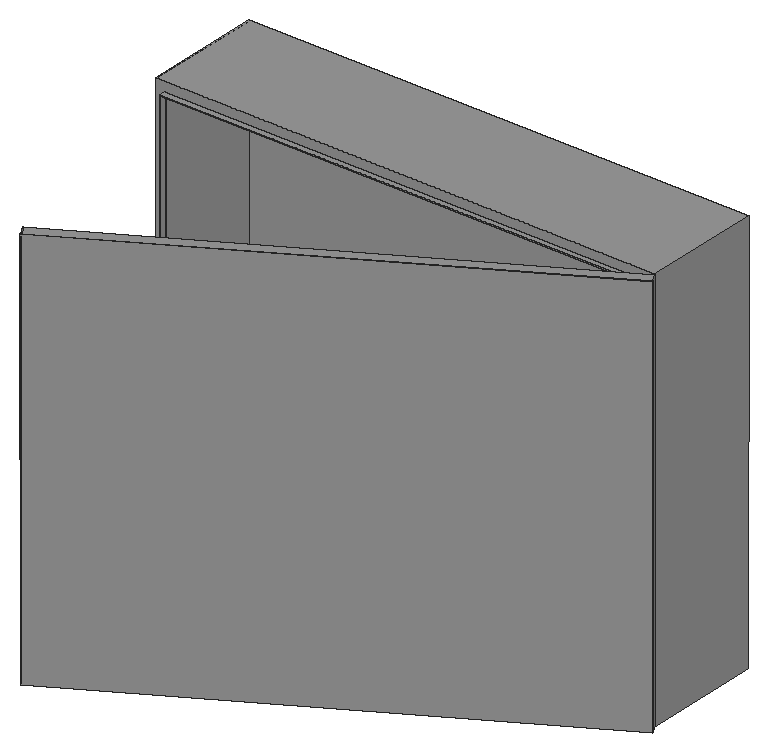
Revit family "Hager-Univers-IP44-D205-H650-Cl.II-Encl-NoHosted-PL-en", category Equipement électrique, Revit 2020
Family settings
  Configuration du panneau = Deux colonnes, circuits au sein
  Cote de connecteur circulaire = Utiliser le diamètre
  Type d'élément = Tableau de raccordement
  Basée sur le plan de construction = Oui
  Toujours verticalement = Oui
  Couper avec des vides une fois chargée = Non
  Partagée = Non
  Point de calcul de pièce = Non
Parameters (values of type "Surface mounted (plaster) IP44 W800 H650 D205  - FP43SN2")
  Width Control [instance] = if([EF000008 - Width] > Min Width, [EF000008 - Width], Min Width)  # 800 mm
  Commentaires du type = [HG000003 - Range]  # "Univers"
  Thickness Door [instance] = if([EF009171 - Material plate thickness door/cover] > 3 mm, 3 mm, [EF009171 - Material plate thickness door/cover])  # 1 mm
  Seal Frame Offset [instance] = 17 mm  # constant formula
  Plinth Visibility [instance] = [HG000027 - Plinth height] > 0 mm  # no
  Min Width [instance] = 100 mm  # constant formula
  Min Depth [instance] = (2 * [EF009170 - Material plate thickness cabinet]) + 1 mm  # 3 mm
  Min Height [instance] = 100 mm  # constant formula
  Internal Frame Depth [instance] = (Door System Depth * 0.5)  # 9 mm
  Panel Name [instance] = ""  # (empty or 0)
  Model = ""
  HG000027 - Plinth height = 0 mm
  HG000026 - Floor standing = no
  HG000024 - Bottom section height = 600 mm
  HG000023 - Double section enclosure = no
  HG000016 - Door 3d visibility [instance] = yes
  HG000015 - Clearance visibility [instance] = no
  HG000014 - Door on the right [instance] = yes
  HG000013 - Door on the left [instance] = not([HG000014 - Door on the right])  # no
  HG000012 - Door swing angle [instance] = 30.00°
  HG000010 - Asymmetric doors = no
  HG000009 - Double swing door = no
  HG000006 - Flush mounted = no
  HG000004 - Manufacturer reference = "FP43SN2"
  HG000003 - Range = "Univers"
  HG000002 - With door or cover = yes
  Frame Offset Bottom [instance] = 10 mm  # constant formula
  Frame Offset [instance] = 15 mm  # constant formula
  EF015940 - Cover with overpressure release = no
  EF011959 - Degree of protection (NEMA) = ""
  EF009554 - Number of openings for flange plates = 6
  EF009212 - Cover model = "EV000116 - Closed"
  EF009171 - Material plate thickness door/cover = 1 mm
  EF009170 - Material plate thickness cabinet = 1 mm
  EF008873 - Nominal current (In) = 250 A
  EF007800 - Suitable for lightning protection = no
  EF006306 - With lock = no
  EF006244 - Transparent cover/door = no
  EF005474 - Degree of protection (IP) = "EV006418 - IP44"
  EF004464 - Type of door = "EV002646 - Single"
  EF004427 - Number of modules = 144
  EF004293 - Impact strength = "EV006815 - IK09"
  EF003532 - Suitable for outdoor use = no
  EF002950 - Width in number of modular spacings = 36
  EF001613 - Circuit integrity = "EV000494 - None"
  EF001596 - Material housing = "EV000179 - Steel"
  EF001131 - Internal depth = 143 mm
  EF001088 - Extension possible = yes
  EF000437 - Number of conduit inlets = 6
  EF000339 - Type of cover = "EV001012 - Cover"
  EF000266 - Number of rows = 4
  EF000218 - Built-in depth = 205 mm
  EF000118 - With mounting plate = no
  EF000116 - RAL-number = "9010"
  EF000049 - Depth = 205 mm
  EF000040 - Height = 650 mm
  EF000008 - Width = 800 mm
  EF000007 - Colour = "EV000202 - White"
  EF000003 - Mounting method = "EV000384 - Surface mounted (plaster)"
  Door System Leaf Tolerance [instance] = 1.5 mm  # constant formula
  Door System Depth [instance] = 18 mm  # constant formula
  Door Height [instance] = Height Control - [HG000027 - Plinth height]  # 650 mm
  Description = ""
  Default Elevation = 1219.2 mm
  Connector Offset [instance] = Height Control / 2  # 325 mm
  Fabricant = "Hager"  # constant formula
  Height Control [instance] = if([EF000040 - Height] > Min Height, [EF000040 - Height], Min Height)  # 650 mm
  Depth Control [instance] = if([EF000049 - Depth] > Min Depth, [EF000049 - Depth], Min Depth)  # 205 mm
  Bottom Top Plate Trim [instance] = 1.5 mm  # constant formula
  Plinth height Ctrl [instance] = if([HG000027 - Plinth height] > 0 mm, [HG000027 - Plinth height], 12 mm)  # 12 mm
Types (5, lengths in mm): name | Width Control | HG000010 - Asymmetric doors | HG000009 - Double swing door | HG000004 - Manufacturer reference | EF009554 - Number of openings for flange plates | EF004464 - Type of door | EF004427 - Number of modules | EF002950 - Width in number of modular spacings | EF000437 - Number of conduit inlets | EF000008 - Width
  Surface mounted (plaster) IP44 W1050 H650 D205  - FP44SN2 | 1050 | no | yes | "FP44SN2" | 8 | "EV003602 - Double" | 192 | 48 | 8 | 1050
  Surface mounted (plaster) IP44 W1300 H650 D205  - FP45SN2 | 1300 | yes | yes | "FP45SN2" | 10 | "EV003602 - Double" | 240 | 60 | 10 | 1300
  Surface mounted (plaster) IP44 W300 H650 D205  - FP41SN2 | 300 | no | no | "FP41SN2" | 2 | "EV002646 - Single" | 48 | 12 | 2 | 300
  Surface mounted (plaster) IP44 W550 H650 D205  - FP42SN2 | 550 | no | no | "FP42SN2" | 4 | "EV002646 - Single" | 96 | 24 | 4 | 550
  Surface mounted (plaster) IP44 W800 H650 D205  - FP43SN2 | 800 | no | no | "FP43SN2" | 6 | "EV002646 - Single" | 144 | 36 | 6 | 800
Reference planes
  plane 1 "Center (Front/Back)": y = 0
  plane 2: z = 0
  plane 3 "Center (Left/Right)": x = 0
  plane 4: y = 0
  plane 5: y = 0
  plane 6: z = 0
  plane 7: x = -400
  plane 8: x = 400
  plane 9: x = 399
  plane 10: x = -399
  plane 11: z = 0
  plane 12: z = 1
  plane 13: y = -205
  plane 14: y = -1
  plane 15: x = 0
  plane 16: y = -187
  plane 17: y = -204
  plane 18: y = -186
  plane 19: x = -384
  plane 20: x = 384
  plane 21: z = 11
  plane 22: x = -383
  plane 23: x = 383
  plane 24: z = 0
  plane 25: z = 650
  plane 26: z = 650
  plane 27: z = 634
  plane 28: z = 649
Forms (mm)
  Extrusion 1, solid, material "Hager_Steel_RAL7035_Light_Grey", detail levels medium+fine
    sketch origin (-208.679, -4572, 0) x (-1, 0, 0) y (0, -1, 0)
      loop
        line (191.321, -4385) -> (-608.679, -4385) -> (-608.679, -4572) -> (191.321, -4572) -> (191.321, -4385)
    from 0 to 650
  Extrusion 2, void
    sketch origin (-350.771, -205, 1219.2) x (1, 0, 0) y (0, 0, 1)
      loop
        line (-48.229, -570.2) -> (-48.229, -1218.2) -> (749.771, -1218.2) -> (749.771, -570.2) -> (-48.229, -570.2)
    from -19 to -204
  Extrusion 3, void
    sketch origin (-290.084, -187, 1219.2) x (1, 0, 0) y (0, 0, 1)
      loop
        line (-93.916, -1208.2) -> (674.084, -1208.2) -> (674.084, -585.2) -> (-93.916, -585.2) -> (-93.916, -1208.2)
    from 0 to -1
  Extrusion 4, solid, material "Hager_Steel_RAL7035_Light_Grey", visible <- "Plinth Visibility", detail levels medium+fine
    sketch origin (0, 0, 0) x (1, 0, 0) y (0, 1, 0)
      loop
        line (-400, 0) -> (-400, -187) -> (400, -187) -> (400, 0) -> (-400, 0)
    from 0 to 12 <- "Plinth height Ctrl"
  Extrusion 5, solid, material "Hager_Steel_RAL7035_Light_Grey", detail levels coarse
    sketch origin (0, 0, 0) x (1, 0, 0) y (0, 1, 0)
      loop
        line (-400, 0) -> (-400, -205) -> (400, -205) -> (400, 0) -> (-400, 0)
    from 0 to 650 <- "Height Control"
  Sweep 6, void
    path in 3D
      loop
        line (-400, -187, 12) -> (400, -187, 12) -> (400, 0, 12) -> (-400, 0, 12) -> (-400, -187, 12)
    profile origin (-400, -93.5, 12) x (1, 0, 0) y (0, 0, 1)
      loop
        line (0, 0) -> (0, -1.5) -> (1.5, -1.5)
        arc (1.5, -1.5) -> (1.061, -0.439) -> (0, 0) r 1.5
  Extrusion 7, solid, material "Hager_Steel_RAL7035_Light_Grey", detail levels fine
    sketch origin (-400, -187, 0) x (1, 0, 0) y (0, 0, 1)
      loop
        line (16, 11) -> (784, 11) -> (784, 634) -> (16, 634) -> (16, 11)
      loop
        line (15, 10) -> (785, 10) -> (785, 635) -> (15, 635) -> (15, 10)
    from 0 to 9 <- "Internal Frame Depth"
Cuts and joins
  Extrusion 2, Extrusion 3 cuts Extrusion 1
  Sweep 6 cuts Extrusion 4
Lines and regions (mm)
  Masking region 1
    outline origin (0, 0, 0) x (1, 0, 0) y (0, 1, 0)
      loop
        line (-400, 0) -> (-400, -205) -> (400, -205) -> (400, 0) -> (-400, 0)
  Masking region 2, detail levels coarse
    outline origin (-290.084, -187, 1219.2) x (-1, 0, 0) y (0, 0, 1)
      loop
        line (-690.084, -1219.2) -> (109.916, -1219.2) -> (109.916, -569.2) -> (-690.084, -569.2) -> (-690.084, -1219.2)
  Masking region 3, detail levels coarse
    outline origin (0, 0, 0) x (0, 1, 0) y (0, 0, 1)
      loop
        line (0, 0) -> (0, 650) -> (-205, 650) -> (-205, 0) -> (0, 0)
  Masking region 4, visible <- "Plinth Visibility", detail levels medium+fine
    outline origin (0, 0, 0) x (0, 1, 0) y (0, 0, 1)
      loop
        line (-1.5, 12) -> (-185.5, 12)
        arc (-185.5, 12) -> (-185.939, 10.939) -> (-187, 10.5) r 1.5
        line (-187, 10.5) -> (-187, 0) -> (0, 0) -> (0, 10.5)
        arc (0, 10.5) -> (-1.061, 10.939) -> (-1.5, 12) r 1.5
  Masking region 5, detail levels medium+fine
    outline origin (0, 0, 594.038) x (0, 1, 0) y (0, 0, 1)
      loop
        line (0, -594.038) -> (0, 55.962) -> (-187, 55.962) -> (-187, -594.038) -> (0, -594.038)
  Masking region 6, detail levels medium+fine
    outline origin (-359.7, -187, 1211.883) x (-1, 0, 0) y (0, 0, 1)
      loop
        line (-759.7, -1211.883) -> (40.3, -1211.883) -> (40.3, -561.883) -> (-759.7, -561.883) -> (-759.7, -1211.883)
  Masking region 7, visible <- "Plinth Visibility", detail levels medium+fine
    outline origin (-320.334, -187, 1041.368) x (-1, 0, 0) y (0, 0, 1)
      loop
        line (-720.334, -1041.368) -> (79.666, -1041.368) -> (79.666, -1030.868)
        arc (79.666, -1030.868) -> (78.606, -1030.429) -> (78.166, -1029.368) r 1.5
        line (78.166, -1029.368) -> (-718.834, -1029.368)
        arc (-718.834, -1029.368) -> (-719.273, -1030.429) -> (-720.334, -1030.868) r 1.5
        line (-720.334, -1030.868) -> (-720.334, -1041.368)
  sketch lines
    curve 1: line (-400, 0, 12) -> (-400, -187, 12)
    curve 2: line (-400, -187, 12) -> (400, -187, 12)
    curve 3: line (400, 0, 12) -> (-400, 0, 12)
    curve 4: line (400, -187, 12) -> (400, 0, 12)
Dimensions and locks
  locked: plane 1 "Center (Front/Back)" to plane 5
  "EF009170 - Material plate thickness cabinet": plane 7 to plane 10
  "EF009170 - Material plate thickness cabinet": plane 8 to plane 9
  equal spacing: plane 7, plane 3 "Center (Left/Right)", plane 8
  "Width Control": plane 7 to plane 8
  "Depth Control": plane 4 to plane 13
  "EF009170 - Material plate thickness cabinet": plane 4 to plane 14
  "Height Control": plane 25 to level
  "HG000027 - Plinth height": plane 11 to level
  "EF009170 - Material plate thickness cabinet": plane 12 to plane 11
  "EF009170 - Material plate thickness cabinet": plane 17 to plane 13
  "EF009170 - Material plate thickness cabinet": plane 18 to plane 16
  "Frame Offset Bottom": plane 21 to plane 12
  "Frame Offset": plane 10 to plane 19
  "Frame Offset": plane 9 to plane 20
  "Door System Depth": plane 16 to plane 13
  "Seal Frame Offset": plane 7 to plane 22
  "Seal Frame Offset": plane 8 to plane 23
  "EF009170 - Material plate thickness cabinet": plane 26 to plane 28
  "Frame Offset": plane 28 to plane 27
  "Connector Offset": plane 2 to connector elem
  "Bottom Top Plate Trim": profile plane to Sweep 6 sketch curve
  "Bottom Top Plate Trim": Sweep 6 sketch curve to Sweep 6 sketch curve
  "Plinth height Ctrl": Masking region 4 sketch curve to level
  "Plinth height Ctrl": Masking region 7 sketch curve to level
  "Thickness Door": Extrusion 7 sketch curve to Extrusion 7 sketch curve  (x4)
  "Bottom Top Plate Trim": radius of Sweep 6 sketch curve
  "Bottom Top Plate Trim": radius of Masking region 4 sketch curve  (x2)
  "Bottom Top Plate Trim": radius of Masking region 7 sketch curve  (x2)
  aligned and locked: Extrusion 2 sketch curve to plane 12
  aligned and locked: Extrusion 2 sketch curve to plane 9
  aligned and locked: Extrusion 2 sketch curve to plane 10
  aligned and locked: Extrusion 2 to plane 14
  aligned and locked: Extrusion 1 sketch curve to plane 4
  aligned and locked: plane 8 to Extrusion 1 sketch curve
  aligned and locked: plane 7 to Extrusion 1 sketch curve
  aligned and locked: Extrusion 2 to plane 18
  aligned and locked: Extrusion 3 sketch curve to plane 19
  aligned and locked: plane 20 to Extrusion 3 sketch curve
  aligned and locked: Extrusion 3 to Extrusion 2
  aligned and locked: Extrusion 3 sketch curve to plane 21
  aligned and locked: plane 3 "Center (Left/Right)" to nested 1
  aligned and locked: Extrusion 1 sketch curve to plane 16
  aligned and locked: Extrusion 4 sketch curve to cut or joined group of Extrusion 1, Extrusion 2, Extrusion 3
  aligned and locked: Masking region 1 sketch curve to plane 7
  aligned and locked: Masking region 1 sketch curve to plane 5
  aligned and locked: Masking region 1 sketch curve to plane 8
  aligned and locked: Masking region 2 sketch curve to level
  aligned and locked: level to Masking region 3 sketch curve
  aligned and locked: plane 1 "Center (Front/Back)" to Masking region 3 sketch curve
  aligned and locked: plane 13 to Masking region 3 sketch curve
  aligned and locked: plane 5 to Masking region 4 sketch curve
  aligned and locked: Masking region 2 sketch curve to plane 8
  aligned and locked: Masking region 2 sketch curve to plane 7
  aligned and locked: plane 7 to nested 2
  aligned and locked: nested 2 to plane 5
  aligned and locked: plane 5 to Masking region 5 sketch curve
  aligned and locked: plane 26 to Masking region 5 sketch curve
  aligned and locked: Extrusion 5 sketch curve to plane 8
  aligned and locked: Extrusion 5 sketch curve to plane 7
  aligned and locked: Extrusion 5 sketch curve to plane 5
  aligned and locked: Extrusion 3 sketch curve to plane 27
  aligned and locked: Extrusion 2 sketch curve to plane 28
  aligned and locked: Masking region 2 to plane 25
  aligned and locked: Extrusion 4 to plane 16
  aligned and locked: profile plane to Sweep 6 sketch curve
  aligned and locked: Masking region 5 sketch curve to plane 24
  aligned and locked: level to Masking region 4 sketch curve
  aligned and locked: Masking region 1 to plane 13
  aligned and locked: nested 1 to plane 16
  aligned and locked: Masking region 3 to plane 25
  aligned and locked: plane 16 to Masking region 4 sketch curve
  aligned and locked: Masking region 5 sketch curve to plane 16
  aligned and locked: plane 24 to plane 11
  aligned and locked: plane 26 to plane 25
  aligned and locked: plane 26 to cut or joined group of Extrusion 1, Extrusion 2, Extrusion 3
  aligned and locked: nested 1 to plane 24
  aligned and locked: Extrusion 1 to Extrusion 3
  aligned and locked: Masking region 6 sketch curve to plane 8
  aligned and locked: Masking region 6 sketch curve to plane 24
  aligned and locked: Masking region 6 sketch curve to plane 7
  aligned and locked: Masking region 6 sketch curve to plane 26
  aligned and locked: Masking region 7 sketch curve to plane 7
  aligned and locked: level to Masking region 7 sketch curve
  aligned and locked: Masking region 7 sketch curve to plane 8
  aligned and locked: Extrusion 7 sketch curve to cut or joined group of Extrusion 1, Extrusion 2, Extrusion 3  (x4)
Automatic sketch dimensions
  plane 19 to Extrusion 3 sketch curve = 0 mm
  Extrusion 3 sketch curve to plane 20 = 0 mm
  Extrusion 3 sketch curve to plane 21 = 0 mm
  Extrusion 4 sketch curve to plane 7 = 0 mm
  Extrusion 4 sketch curve to plane 8 = 0 mm
  Extrusion 4 sketch curve to plane 16 = 0 mm
  Masking region 1 sketch curve to plane 13 = 0 mm
  Masking region 2 sketch curve to plane 25 = 0 mm
  Masking region 3 sketch curve to plane 25 = 0 mm
  Extrusion 5 sketch curve to plane 13 = 0 mm
  profile plane to Sweep 6 sketch curve = 0 mm
Nested families
  nested 1: "EC000058_Univers_Door" at (0, -187, 0), Double <- "HG000009 - Double swing door", Transparent <- "EF006244 - Transparent cover/door", Angle <- "HG000012 - Door swing angle", Door_Right <- "HG000014 - Door on the right", Assymetrical <- "HG000010 - Asymmetric doors", Door <- "HG000002 - With door or cover", Width_Ctrl <- "Width Control", 3d_Door <- "HG000016 - Door 3d visibility", Clearance <- "HG000015 - Clearance visibility", Door_Left <- "HG000013 - Door on the left", Width <- "Width Control", Door_Depth <- "Door System Depth", Leaf_Tolerance <- "Door System Leaf Tolerance", Height <- "Door Height", Lock_Visibility <- "EF006306 - With lock", Thickness <- "Thickness Door", type "EC000058_Univers_Door", detail levels medium+fine
    with min_wh 3 mm, Width_Ctrl 800 mm, Width 800 mm, Transparent no, Thickness 1 mm, Seal_Material Hager_Rubber, Lock_Visibility no, Lock_Material Hager_Plastic_RAL9005_Jet_Black, Leaf_Width 800 mm, Leaf_Tolerance_External_Sides 0 mm, Leaf_Tolerance 1.5 mm, Leaf_Offset 0 mm, Leaf_Height 647 mm, Leaf_2_Width 800 mm, Leaf_2_Offset 400 mm, Leaf_1_Width 800 mm, Leaf_1_Offset 400 mm, Height_Ctrl 650 mm, Height 650 mm, Glass_Material Hager_Glass, Double_Clearance_Ctrl no, Double no, Door_Right_Ctrl yes, Door_Right yes, Door_Material Hager_Steel_RAL7035_Light_Grey, Door_Left_Ctrl no, Door_Left no, Door_Depth 18 mm, Door yes, Clearance_Material Hager_Clearance, Clearance_Depth 800 mm, Clearance_Ctrl no, Clearance no, Assymetrical no, Angle 30.00°, 3d_Door yes
  nested 2: "Hager_Enclosure_Symbol" at (-400, 0, 0), Height <- "Depth Control", Width <- "Width Control", type "Hager_Enclosure_Symbol"
    with Width_Ctrl 800 mm, Width 800 mm, Height_Ctrl 205 mm, Height 205 mm, A_Width_Int 13.453 mm, A_Width 161.438 mm, A_Height_Ctrl 179.375 mm, A_Height 179.375 mm
Connectors
  electrical at (0, 0, 325)
    settings: on plane 1 "Center (Front/Back)", index 1, voltage 0 V, apparent load 0 VA, apparent load phase1 0 VA, apparent load phase2 0 VA, apparent load phase3 0 VA, power factor 1, load classification "Other", number of poles 1, system type 30, power factor state 1, is connector primary yes, connector utility no, sub classification motor no, connector description ""
Definition of nested family "EC000058_Univers_Door"
  Parameters (values of type "EC000058_Univers_Door")
    min_wh [instance] = (2 * Thickness) + 1 mm  # 11 mm
    Width_Ctrl [instance] = 400 mm
    Width [instance] = 500 mm
    Transparent [instance] = yes
    Thickness [instance] = 5 mm
    Seal_Material [instance] = none
    Lock_Visibility [instance] = yes
    Lock_Material [instance] = none
    Leaf_Width [instance] = if((Width_Ctrl - 2 * Leaf_Tolerance_External_Sides) > 0 mm, (Width_Ctrl - 2 * Leaf_Tolerance_External_Sides), min_wh)  # 400 mm
    Leaf_Tolerance_External_Sides [instance] = 0 mm  # constant formula
    Leaf_Tolerance [instance] = 1.5 mm
    Leaf_Offset [instance] = 0 mm  # constant formula
    Leaf_Height [instance] = if((Height_Ctrl - 2 * Leaf_Tolerance) > 0 mm, (Height_Ctrl - 2 * Leaf_Tolerance), min_wh)  # 497 mm
    Leaf_2_Width [instance] = if(and(and(Double, Assymetrical), Door_Left), (Leaf_Width / 3) - (Leaf_Tolerance / 2), if(and(and(Double, Assymetrical), Door_Right), (Leaf_Width / 3) * 2 - (Leaf_Tolerance / 2), if(and(Double, not(Assymetrical)), (Leaf_Width / 2) - Leaf_Tolerance, Leaf_Width)))  # 400 mm
    Leaf_2_Offset [instance] = if(and(Double, Assymetrical), Leaf_2_Width / 2, if(and(Double, not(Assymetrical)), Leaf_Width / 4, Leaf_Width / 2))  # 200 mm
    Leaf_1_Width [instance] = if(and(and(Double, Assymetrical), Door_Right), (Leaf_Width / 3) - (Leaf_Tolerance / 2), if(and(and(Double, Assymetrical), Door_Left), (Width / 3) * 2 - (Leaf_Tolerance / 2), if(and(Double, not(Assymetrical)), (Leaf_Width / 2) - Leaf_Tolerance, Leaf_Width)))  # 400 mm
    Leaf_1_Offset [instance] = if(and(Double, Assymetrical), Leaf_1_Width / 2, if(and(Double, not(Assymetrical)), Leaf_Width / 4, Leaf_Width / 2))  # 200 mm
    Height_Ctrl [instance] = if(Height > min_wh, Height, min_wh)  # 500 mm
    Height [instance] = 500 mm
    Glass_Material [instance] = none
    Double_Clearance_Ctrl [instance] = and(Double, Clearance)  # no
    Double [instance] = no
    Door_Right_Ctrl [instance] = and(or(Door_Right, Double), Door)  # yes
    Door_Right [instance] = yes
    Door_Material [instance] = none
    Door_Left_Ctrl [instance] = and(or(Door_Left, Double), Door)  # no
    Door_Left [instance] = no
    Door_Depth [instance] = 30 mm
    Door [instance] = yes
    Default Elevation = 1219.2 mm
    Clearance_Material [instance] = none
    Clearance_Depth [instance] = if(Leaf_1_Width > Leaf_2_Width, Leaf_1_Width, Leaf_2_Width)  # 400 mm
    Clearance_Ctrl [instance] = and(not(Double), Clearance)  # yes
    Clearance [instance] = yes
    Assymetrical [instance] = yes
    Angle [instance] = 30.00°
    3d_Door [instance] = yes
  Reference planes
    plane 1 "Center (Front/Back)": y = 0
    plane 2 "Bottom": z = 0
    plane 3 "Center (Left/Right)": x = 0
    plane 4: z = 500
    plane 5: x = -200
    plane 6: x = 200
    plane 7: z = 500
    plane 8: x = -200
    plane 9: z = 0
    plane 10: x = 200
    plane 11: y = 0
    plane 12: z = 1.5
    plane 13: x = -600
    plane 14: y = -400
    plane 15: x = 600
    plane 16: x = 0
    plane 17: x = 0
    plane 18: x = -200
    plane 19: x = 200
    plane 20: z = 498.5
  Forms (mm)
    Extrusion 1, solid, material <- "Clearance_Material", visible <- "Double_Clearance_Ctrl"
      sketch origin (1200, 0, 0) x (1, 0, 0) y (0, 0, -1)
        loop
          line (-1800, -498.5) -> (-600, -498.5) -> (-600, 0) -> (-1800, 0) -> (-1800, -498.5)
      from 0 to -400
  Dimensions and locks
    equal spacing: plane 5, plane 3 "Center (Left/Right)", plane 6
    "Width_Ctrl": plane 5 to plane 6
    "Leaf_Offset": plane 5 to plane 8
    "Leaf_Offset": plane 6 to plane 10
    "Leaf_Offset": plane 9 to level
    "Leaf_Offset": plane 4 to plane 7
    "Height_Ctrl": plane 4 to level
    "Leaf_Tolerance": plane 12 to plane 9
    locked: plane 11 to plane 1 "Center (Front/Back)"
    "Leaf_1_Offset": plane 18 to plane 16
    "Leaf_2_Offset": plane 17 to plane 19
    "Leaf_1_Width": plane 13 to plane 8
    "Leaf_2_Width": plane 10 to plane 15
    "Clearance_Depth": plane 14 to plane 1 "Center (Front/Back)"
    "Leaf_Tolerance_External_Sides": plane 8 to plane 18
    "Leaf_Tolerance_External_Sides": plane 19 to plane 10
    "Leaf_Tolerance": plane 7 to plane 20
    aligned and locked: level to plane 2 "Bottom"
    aligned and locked: nested 1 to plane 16
    aligned and locked: nested 2 to plane 17
    aligned and locked: Extrusion 1 to plane 13
    aligned and locked: plane 15 to Extrusion 1
    aligned and locked: Extrusion 1 to plane 14
    aligned and locked: plane 12 to nested 1
    aligned and locked: nested 2 to plane 12
    aligned and locked: Extrusion 1 to plane 11
    aligned and locked: plane 20 to Extrusion 1
    aligned and locked: nested 2 to plane 11
    aligned and locked: nested 1 to plane 11
  Automatic sketch dimensions
    Extrusion 1 sketch curve to level = 0 mm
    plane 5 to Extrusion 1 sketch curve = 400 mm
    plane 6 to Extrusion 1 sketch curve = 400 mm
    Extrusion 1 sketch curve to plane 4 = 1.5 mm
  Nested families
    nested 1: "EC000058_Univers_Door_Leaf" at (0, 0, 1.5), Width <- "Leaf_1_Width", visible <- "Door_Left_Ctrl", Leaf_Height <- "Leaf_Height", Angle <- "Angle", 3d_Door <- "3d_Door", Transparent <- "Transparent", Clearance Material <- "Clearance_Material", Clearance <- "Clearance_Ctrl", Door_Material <- "Door_Material", Glass_Material <- "Glass_Material", Door_Depth <- "Door_Depth", Lock_Material <- "Lock_Material", Seal_Material <- "Seal_Material", Lock_Visibility <- "Lock_Visibility", Thickness <- "Thickness", type "EC000058_Univers_Door_Leaf"
      with Width 400 mm, Transparent_Glass_Offset 30 mm, Transparent_Ctrl yes, Transparent yes, Thickness 5 mm, Standard no, Seal_Material none, Seal_D2 8 mm, Seal_D1 1 mm, Offset_Internal_Frame 10 mm, Lock_Width 20 mm, Lock_Visibility_3d yes, Lock_Visibility yes, Lock_Thickness_3 3 mm, Lock_Thickness_2 1 mm, Lock_Thickness_1 3 mm, Lock_Radius_Offset_2 16 mm, Lock_Radius_Offset_1 15 mm, Lock_Radius_2 5 mm, Lock_Radius 6 mm, Lock_Offset 5 mm, Lock_Material none, Lock_Height 80 mm, Lock_Cover_Top_Offset_2d 17 mm, Lock_Cover_Height -65 mm, Leaf_Height 497 mm, Internal_Seal_Thickness 8 mm, Internal_Seal_Depth_2 4.5 mm, Internal_Frame_Depth 25 mm, Glass_Thickness -1 mm, Glass_Offset -2 mm, Glass_Material none, Door_Material none, Door_Depth 30 mm, Clearance Material none, Clearance yes, Angle_Ctrl 30.00°, Angle 30.00°, 3d_Door yes
    nested 2: "EC000058_Univers_Door_Leaf" at (0, 0, 1.5) x (-1, 0, 0) z (0, 0, 1), Width <- "Leaf_2_Width", visible <- "Door_Right_Ctrl", Leaf_Height <- "Leaf_Height", Angle <- "Angle", 3d_Door <- "3d_Door", Transparent <- "Transparent", Clearance Material <- "Clearance_Material", Clearance <- "Clearance_Ctrl", Door_Material <- "Door_Material", Glass_Material <- "Glass_Material", Door_Depth <- "Door_Depth", Lock_Material <- "Lock_Material", Seal_Material <- "Seal_Material", Lock_Visibility <- "Lock_Visibility", Thickness <- "Thickness", type "EC000058_Univers_Door_Leaf"
      with Width 400 mm, Transparent_Glass_Offset 30 mm, Transparent_Ctrl yes, Transparent yes, Thickness 5 mm, Standard no, Seal_Material none, Seal_D2 8 mm, Seal_D1 1 mm, Offset_Internal_Frame 10 mm, Lock_Width 20 mm, Lock_Visibility_3d yes, Lock_Visibility yes, Lock_Thickness_3 3 mm, Lock_Thickness_2 1 mm, Lock_Thickness_1 3 mm, Lock_Radius_Offset_2 16 mm, Lock_Radius_Offset_1 15 mm, Lock_Radius_2 5 mm, Lock_Radius 6 mm, Lock_Offset 5 mm, Lock_Material none, Lock_Height 80 mm, Lock_Cover_Top_Offset_2d 17 mm, Lock_Cover_Height -65 mm, Leaf_Height 497 mm, Internal_Seal_Thickness 8 mm, Internal_Seal_Depth_2 4.5 mm, Internal_Frame_Depth 25 mm, Glass_Thickness -1 mm, Glass_Offset -2 mm, Glass_Material none, Door_Material none, Door_Depth 30 mm, Clearance Material none, Clearance yes, Angle_Ctrl 30.00°, Angle 30.00°, 3d_Door yes
  Definition of nested family "EC000058_Univers_Door_Leaf"
    Parameters (values of type "EC000058_Univers_Door_Leaf")
      Width [instance] = 2000 mm
      Transparent_Glass_Offset [instance] = 30 mm
      Transparent_Ctrl [instance] = and(Transparent, [3d_Door])  # yes
      Transparent [instance] = yes
      Thickness [instance] = 5 mm
      Standard [instance] = and(not(Transparent), [3d_Door])  # no
      Seal_Material [instance] = none
      Seal_D2 [instance] = 8 mm  # constant formula
      Seal_D1 [instance] = 1 mm  # constant formula
      Offset_Internal_Frame [instance] = 10 mm  # constant formula
      Lock_Width [instance] = 20 mm  # constant formula
      Lock_Visibility_3d [instance] = and(Lock_Visibility, [3d_Door])  # yes
      Lock_Visibility [instance] = yes
      Lock_Thickness_3 [instance] = 3 mm  # constant formula
      Lock_Thickness_2 [instance] = 1 mm  # constant formula
      Lock_Thickness_1 [instance] = 3 mm  # constant formula
      Lock_Radius_Offset_2 [instance] = Lock_Radius_Offset_1 + 1 mm  # 16 mm
      Lock_Radius_Offset_1 [instance] = 15 mm  # constant formula
      Lock_Radius_2 [instance] = Lock_Radius - 1 mm  # 5 mm
      Lock_Radius [instance] = 6 mm  # constant formula
      Lock_Offset [instance] = 5 mm  # constant formula
      Lock_Material [instance] = none
      Lock_Height [instance] = 80 mm  # constant formula
      Lock_Cover_Top_Offset_2d [instance] = Lock_Radius_Offset_2 + 1 mm  # 17 mm
      Lock_Cover_Height [instance] = -(Lock_Height - Lock_Radius_Offset_1)  # -65 mm
      Leaf_Height [instance] = 2720.336 mm
      Internal_Seal_Thickness [instance] = 8 mm  # constant formula
      Internal_Seal_Depth_2 [instance] = 4.5 mm  # constant formula
      Internal_Frame_Depth [instance] = if(Door_Depth - Thickness > 5 mm, Door_Depth - Thickness, 5 mm)  # 25 mm
      Glass_Thickness [instance] = if(Thickness > 15 mm, Glass_Offset + 10 mm, -1 mm)  # -1 mm
      Glass_Offset [instance] = if(Thickness > 15 mm, -(Thickness + 10 mm) / 2, -2 mm)  # -2 mm
      Glass_Material [instance] = none
      Door_Material [instance] = none
      Door_Depth [instance] = 30 mm
      Default Elevation = 0 mm
      Clearance Material [instance] = none
      Clearance [instance] = yes
      Angle_Ctrl [instance] = if(Angle > 180.00°, 180.00°, Angle)  # 90.00°
      Angle [instance] = 90.00°
      3d_Door [instance] = yes
    Reference planes
      plane 1 "Center (Front/Back)": y = 0
      plane 2: z = 0
      plane 3 "Center (Left/Right)": x = 0
      plane 4: y = 2000
      plane 5: x = -1000
      plane 6: x = 1000
      plane 7: x = -3000
      plane 8: z = 2720.336
      plane 9: z = 30
      plane 10: z = 2690.336
      plane 11: x = 970
      plane 12: x = -970
      plane 13: y = -3
      plane 14: z = 107.833
      plane 15: y = -5
      plane 16: y = -223.314
      plane 17: x = -1000
      plane 18: z = 1360.168
      plane 19: y = 30
    Forms (mm)
      Extrusion 1, solid, material <- "Clearance Material", visible <- "Clearance"
        sketch origin (0, 0, 0) x (1, 0, 0) y (0, 0, 1)
          loop
            line (-3000, 2720.336) -> (-3000, 0) -> (1000, 0) -> (1000, 2720.336) -> (-3000, 2720.336)
        from 0 to -2000
      Extrusion 2, solid, material <- "Door_Material", visible <- "Standard", detail levels medium+fine
        sketch origin (-1000, 0, 0) x (0, 1, 0) y (-1, 0, 0)
          loop
            line (0, 30) -> (0, 25) -> (2000, 25) -> (2000, 30) -> (0, 30)
        from 0 to 2720.336 <- "Leaf_Height"
      Extrusion 3, solid, material <- "Door_Material", visible <- "Transparent_Ctrl", detail levels medium+fine
        sketch origin (-1000, 0, 0) x (0, 1, 0) y (-1, 0, 0)
          loop
            line (0, 25) -> (2000, 25) -> (2000, 30) -> (0, 30) -> (0, 25)
        from 0 to 2720.336 <- "Leaf_Height"
      Extrusion 4, void
        sketch origin (-1025, 2000, 0) x (0, 1, 0) y (0, 0, -1)
          loop
            line (-30, -2690.336) -> (-30, -30) -> (-1970, -30) -> (-1970, -2690.336) -> (-30, -2690.336)
        from 0 to 5 <- "Thickness"
      Sweep 5, solid, material <- "Seal_Material", visible <- "Transparent_Ctrl", detail levels fine
        path in 3D
          loop
            line (-1025, 30, 30) -> (-1025, 30, 2690.336) -> (-1025, 1970, 2690.336) -> (-1025, 1970, 30) -> (-1025, 30, 30)
        profile origin (-1025, 1000, 30) x (1, 0, 0) y (0, 0, 1)
          loop
            line (0, 0) -> (0, -8) -> (1, -8) -> (1, 0) -> (0, 0)
      Extrusion 6, solid, material <- "Glass_Material", visible <- "Transparent_Ctrl", detail levels medium+fine
        sketch origin (-1030, 0, 0) x (0, 1, 0) y (0, 0, -1)
          loop
            line (1970, -2690.336) -> (1970, -30) -> (30, -30) -> (30, -2690.336) -> (1970, -2690.336)
        from -2 <- "Glass_Offset" to -1 <- "Glass_Thickness"
      Extrusion 7, solid, material <- "Door_Material", visible <- "3d_Door", detail levels medium+fine
        sketch origin (-1025, 2000, 0) x (0, -1, 0) y (0, 0, -1)
          loop
            line (0, -2720.336) -> (2000, -2720.336) -> (2000, 0) -> (0, 0) -> (0, -2720.336)
          loop
            line (1995, -5) -> (5, -5) -> (5, -2715.336) -> (1995, -2715.336) -> (1995, -5)
        from 0 to 25 <- "Internal_Frame_Depth"
      Sweep 8, solid, material <- "Seal_Material", visible <- "Transparent_Ctrl", detail levels fine
        path in 3D
          loop
            line (-1025, 0, 0) -> (-1025, 2000, 0) -> (-1025, 2000, 2720.336) -> (-1025, 0, 2720.336) -> (-1025, 0, 0)
        profile origin (-1025, 0, 1360.168) x (1, 0, 0) y (0, 1, 0)
          loop
            line (0, 10) -> (2.975, 10)
            arc (2.975, 10) -> (4.053, 10.447) -> (4.5, 11.525) r 1.525
            line (4.5, 11.525) -> (4.5, 16.527)
            arc (4.5, 16.527) -> (4.069, 17.569) -> (3.027, 18) r 1.473
            line (3.027, 18) -> (0, 18) -> (0, 10)
      Extrusion 9, solid, material <- "Lock_Material", visible <- "Lock_Visibility_3d", detail levels fine
        sketch origin (-1030, 0, 0) x (0, 1, 0) y (0, 0, -1)
          loop
            arc (1993.5, -1400.168) -> (1994.561, -1399.729) -> (1995, -1398.668) r 1.5
            line (1995, -1398.668) -> (1995, -1320.168) -> (1975, -1320.168) -> (1975, -1398.668)
            arc (1975, -1398.668) -> (1975.439, -1399.729) -> (1976.5, -1400.168) r 1.5
            line (1976.5, -1400.168) -> (1993.5, -1400.168)
        from 3 <- "Lock_Thickness_1" to 0
      Blend 10, solid, material <- "Lock_Material", visible <- "Lock_Visibility_3d", detail levels fine
        base sketch origin (-1033, 0, 0) x (0, 1, 0) y (0, 0, -1)
          loop
            line (1975, -1320.168) -> (1975, -1398.668)
            arc (1975, -1398.668) -> (1975.439, -1399.729) -> (1976.5, -1400.168) r 1.5
            line (1976.5, -1400.168) -> (1993.5, -1400.168)
            arc (1993.5, -1400.168) -> (1994.561, -1399.729) -> (1995, -1398.668) r 1.5
            line (1995, -1398.668) -> (1995, -1320.168) -> (1975, -1320.168)
        top sketch origin (-1033, 0, 0) x (0, 1, 0) y (0, 0, -1)
          loop
            line (1976, -1320.168) -> (1976, -1398.668)
            arc (1976, -1398.668) -> (1976.146, -1399.022) -> (1976.5, -1399.168) r 0.5
            line (1976.5, -1399.168) -> (1993.5, -1399.168)
            arc (1993.5, -1399.168) -> (1993.854, -1399.022) -> (1994, -1398.668) r 0.5
            line (1994, -1398.668) -> (1994, -1320.168) -> (1976, -1320.168)
        from 0 to 1 <- "Lock_Thickness_2"
      Blend 11, solid, material <- "Lock_Material", visible <- "Lock_Visibility_3d", detail levels fine
        base sketch origin (-1034, 0, 0) x (0, 1, 0) y (0, 0, -1)
          loop
            line (1978, -1320.168) -> (1978, -1384.168)
            arc (1978, -1384.168) -> (1985, -1391.168) -> (1992, -1384.168) r 7
            line (1992, -1384.168) -> (1992, -1320.168) -> (1978, -1320.168)
        top sketch origin (-1034, 0, 0) x (0, 1, 0) y (0, 0, -1)
          loop
            line (1991, -1320.168) -> (1979, -1320.168) -> (1979, -1383.168)
            arc (1979, -1383.168) -> (1985, -1389.168) -> (1991, -1383.168) r 6
            line (1991, -1383.168) -> (1991, -1320.168)
        from 0 to 3 <- "Lock_Thickness_3"
      Extrusion 12, solid, material <- "Lock_Material", visible <- "Lock_Visibility_3d", detail levels fine
        sketch origin (-1030, 1975, 1320.168) x (1, 0, 0) y (0, -1, 0)
          loop
            line (-7, -19) -> (-7, -1) -> (0, -1) -> (0, 0) -> (-8, 0) -> (-8, -20) -> (0, -20) -> (0, -19) -> (-7, -19)
        from 0 to -65 <- "Lock_Cover_Height"
      Extrusion 13, void
        sketch origin (-1038, 1995, 1320.168) x (-1, 0, 0) y (0, 0, -1)
          loop
            line (-5, -65) -> (0, -65) -> (-5, -60) -> (-5, -65)
        from 0 to 20 <- "Lock_Width"
      Extrusion 14, void
        sketch origin (-1038, 1975, 1320.168) x (0, -1, 0) y (0, 0, -1)
          loop
            circle (-10, -15.995) r 6
          loop
            circle (-10, -15.995) r 5
        from 0 to 2
      Extrusion 15, solid, material <- "Lock_Material", visible <- "Lock_Visibility_3d", detail levels medium
        sketch origin (-1030, 0, 0) x (0, 1, 0) y (0, 0, -1)
          loop
            arc (1993.5, -1400.168) -> (1994.561, -1399.729) -> (1995, -1398.668) r 1.5
            line (1995, -1398.668) -> (1995, -1320.168) -> (1975, -1320.168) -> (1975, -1398.668)
            arc (1975, -1398.668) -> (1975.439, -1399.729) -> (1976.5, -1400.168) r 1.5
            line (1976.5, -1400.168) -> (1993.5, -1400.168)
        from 8 to 0
    Cuts and joins
      Extrusion 4 cuts Extrusion 3
      Extrusion 13, Extrusion 14 cuts Extrusion 9
      Extrusion 14 cuts Blend 11
      Extrusion 13, Extrusion 14 cuts Extrusion 12
      joined: Extrusion 9, Blend 10, Blend 11, Extrusion 12
      Extrusion 14 cuts Extrusion 15
    Lines and regions (mm)
      Masking region 1, visible <- "Lock_Visibility", detail levels fine
        outline origin (0, 0, 0) x (0, 1, 0) y (0, 0, 1)
          loop
            line (30, 1320.168) -> (33, 1320.168) -> (33, 1400.168) -> (30, 1400.168) -> (30, 1320.168)
      Masking region 2, visible <- "Lock_Visibility", detail levels fine
        outline origin (0, 3.143, 0) x (0, 1, 0) y (0, 0, 1)
          loop
            line (29.857, 1354.168) -> (30.857, 1354.168) -> (30.857, 1366.168) -> (29.857, 1366.168) -> (29.857, 1354.168)
      Masking region 3, detail levels medium+fine
        outline origin (0, 0, 0) x (0, 1, 0) y (0, 0, 1)
          loop
            line (0, 0) -> (30, 0) -> (30, 2720.336) -> (0, 2720.336) -> (0, 0)
      Masking region 4, detail levels medium+fine
        outline origin (0, 0, 0) x (1, 0, 0) y (0, 0, 1)
          loop
            line (-1000, 2720.336) -> (-1000, 0) -> (1000, 0) -> (1000, 2720.336) -> (-1000, 2720.336)
      Masking region 5, visible <- "Lock_Visibility", detail levels fine
        outline origin (-47.116, 0, 0) x (1, 0, 0) y (0, 0, 1)
          loop
            arc (1024.616, 1399.168) -> (1023.556, 1398.729) -> (1023.116, 1397.668) r 1.5
            line (1023.116, 1397.668) -> (1023.116, 1320.168) -> (1041.116, 1320.168) -> (1041.116, 1397.668)
            arc (1041.116, 1397.668) -> (1040.677, 1398.729) -> (1039.616, 1399.168) r 1.5
            line (1039.616, 1399.168) -> (1024.616, 1399.168)
      Masking region 6, visible <- "Lock_Visibility", detail levels medium+fine
        outline origin (-25, 0, 0) x (1, 0, 0) y (0, 0, 1)
          loop
            arc (1001.5, 1400.168) -> (1000.439, 1399.729) -> (1000, 1398.668) r 1.5
            line (1000, 1398.668) -> (1000, 1320.168) -> (1020, 1320.168) -> (1020, 1398.668)
            arc (1020, 1398.668) -> (1019.561, 1399.729) -> (1018.5, 1400.168) r 1.5
            line (1018.5, 1400.168) -> (1001.5, 1400.168)
      Masking region 7, visible <- "Lock_Visibility", detail levels fine
        outline origin (-73.735, 0, 0) x (1, 0, 0) y (0, 0, 1)
          loop
            line (1051.735, 1382.168) -> (1065.735, 1382.168) -> (1065.735, 1384.168)
            arc (1065.735, 1384.168) -> (1058.735, 1391.168) -> (1051.735, 1384.168) r 7
            line (1051.735, 1384.168) -> (1051.735, 1382.168)
      Masking region 8, visible <- "Lock_Visibility", detail levels fine
        outline origin (-73.735, 0, 0) x (1, 0, 0) y (0, 0, 1)
          loop
            line (1052.735, 1382.168) -> (1064.735, 1382.168) -> (1064.735, 1383.168)
            arc (1064.735, 1383.168) -> (1058.735, 1389.168) -> (1052.735, 1383.168) r 6
            line (1052.735, 1383.168) -> (1052.735, 1382.168)
      Masking region 9, visible <- "Lock_Visibility", detail levels fine
        outline origin (-25, 0, 0) x (1, 0, 0) y (0, 0, 1)
          loop
            line (1020, 1320.168) -> (1020, 1382.168) -> (1000, 1382.168) -> (1000, 1320.168) -> (1020, 1320.168)
      Masking region 10, detail levels medium+fine
        outline origin (0, 0, 0) x (1, 0, 0) y (0, 0, 1)
          loop
            circle (985, 1335.144) r 6
      Masking region 11, detail levels fine
        outline origin (0, 0, 0) x (1, 0, 0) y (0, 0, 1)
          loop
            circle (985, 1335.144) r 5
      Masking region 12, visible <- "Lock_Visibility", detail levels fine
        outline origin (0, 12.767, 0) x (0, 1, 0) y (0, 0, 1)
          loop
            line (20.233, 1320.168) -> (21.233, 1320.168) -> (21.233, 1399.168) -> (20.233, 1400.168) -> (20.233, 1320.168)
      Masking region 13, visible <- "Lock_Visibility", detail levels fine
        outline origin (0, 13.767, -10) x (0, 1, 0) y (0, 0, 1)
          loop
            line (20.233, 1330.168) -> (23.233, 1330.168) -> (23.233, 1399.168) -> (20.233, 1402.168) -> (20.233, 1330.168)
      Masking region 14, visible <- "Lock_Visibility", detail levels fine
        outline origin (0, 12.767, -10) x (0, 1, 0) y (0, 0, 1)
          loop
            line (20.233, 1330.168) -> (25.233, 1330.168) -> (25.233, 1399.305) -> (20.233, 1394.305) -> (20.233, 1330.168)
      Masking region 15, visible <- "Lock_Visibility", detail levels medium
        outline origin (0, 0, 0) x (0, 1, 0) y (0, 0, 1)
          loop
            line (30, 1320.168) -> (38, 1320.168) -> (38, 1400.168) -> (30, 1400.168) -> (30, 1320.168)
      Masking region 16, visible <- "Lock_Visibility", detail levels fine
        outline origin (-1000, 0, 0) x (0, 1, 0) y (-1, 0, 0)
          loop
            line (1975, 30) -> (1995, 30) -> (1995, 38) -> (1975, 38) -> (1975, 30)
          loop
            line (1979, 37) -> (1976, 37) -> (1976, 34) -> (1978, 34) -> (1979, 37)
          loop
            line (1994, 37) -> (1991, 37) -> (1992, 34) -> (1994, 34) -> (1994, 37)
      Masking region 17, visible <- "Lock_Visibility", detail levels medium
        outline origin (-1000, 0, 0) x (0, 1, 0) y (-1, 0, 0)
          loop
            line (1975, 30) -> (1995, 30) -> (1995, 38) -> (1975, 38) -> (1975, 30)
      symbolic lines
        curve 1: line (1000, 0, 0) -> (-3000, 0, 0)
        curve 2: arc (1000, 0, 0) -> (-1000, 2000, 0) -> (-3000, 0, 0) r 2000
        curve 4: line (-1030, 0, 0) -> (-1030, 2000, 0)
      reference lines
        curve 3: line (-1000, 0, 0) -> (-1000, 2000, 0)
      symbolic lines, detail levels medium+fine
        curve 5: line (-1030, 2000, 0) -> (-1025, 2000, 0)
        curve 7: line (-1025, 0, 0) -> (-1030, 0, 0)
        curve 8: line (-1025, 0, 0) -> (-1000, 0, 0)
        curve 9: line (-1000, 0, 0) -> (-1000, 2000, 0)
        curve 10: line (-1000, 2000, 0) -> (-1025, 2000, 0)
      symbolic lines, detail levels fine
        curve 6: line (-1025, 2000, 0) -> (-1025, 0, 0)
      sketch lines
        curve 11: line (-1025, 0, 2720.336) -> (-1025, 0, 0)
        curve 12: line (-1025, 2000, 0) -> (-1025, 0, 0)
        curve 13: line (-1025, 2000, 2720.336) -> (-1025, 2000, 0)
        curve 14: line (-1025, 0, 2720.336) -> (-1025, 2000, 2720.336)
        curve 15: line (-1025, 1970, 30) -> (-1025, 30, 30)
        curve 16: line (-1025, 30, 30) -> (-1025, 30, 2690.336)
        curve 17: line (-1025, 1970, 2690.336) -> (-1025, 1970, 30)
        curve 18: line (-1025, 30, 2690.336) -> (-1025, 1970, 2690.336)
      symbolic lines, visible <- "Transparent", detail levels medium+fine
        curve 19: line (-970, 0, 2690.336) -> (970, 0, 2690.336)
        curve 20: line (-970, 0, 30) -> (-970, 0, 2690.336)
        curve 21: line (970, 0, 30) -> (-970, 0, 30)
        curve 22: line (970, 0, 2690.336) -> (970, 0, 30)
    Dimensions and locks
      "Width": plane 1 "Center (Front/Back)" to plane 4
      equal spacing: plane 5, plane 3 "Center (Left/Right)", plane 6
      "Width": plane 5 to plane 6
      "Width": plane 7 to plane 5
      "Leaf_Height": plane 8 to level
      "Width": curve 5 to curve 3
      "Width": curve 3 to curve 3
      plane 8 to plane 10 = 30 mm
      plane 9 to level = 30 mm
      plane 12 to plane 5 = 30 mm
      plane 6 to plane 11 = 30 mm
      Extrusion 1 to Extrusion 4 sketch curve = 30 mm
      "Transparent_Glass_Offset": curve 3 to Extrusion 4 sketch curve
      "Transparent_Glass_Offset": Extrusion 4 sketch curve to cut or joined group of Extrusion 3, Extrusion 4  (x2)
      cut or joined group of Extrusion 3, Extrusion 4 to Extrusion 6 sketch curve = 30 mm
      "Transparent_Glass_Offset": cut or joined group of Extrusion 3, Extrusion 4 to Extrusion 4 sketch curve
      "Thickness": curve 6 to curve 4
      "Thickness": Extrusion 7 sketch curve to Extrusion 7 sketch curve  (x4)
      "Door_Depth": curve 4 to curve 3
      "Offset_Internal_Frame": profile plane to Sweep 8 sketch curve
      "Internal_Seal_Thickness": Sweep 8 sketch curve to Sweep 8 sketch curve
      "Internal_Seal_Depth_2": profile plane to Sweep 8 sketch curve
      "Seal_D1": profile plane to Sweep 5 sketch curve
      "Seal_D2": profile plane to Sweep 5 sketch curve
      "Thickness": Extrusion 2 sketch curve to Extrusion 2 sketch curve
      equal spacing: Extrusion 9 sketch curve, plane 18, Extrusion 9 sketch curve  (x2)
      equal spacing: Masking region 1 sketch curve, plane 18, Masking region 1 sketch curve
      "Lock_Height": Masking region 1 sketch curve to Masking region 1 sketch curve
      "Lock_Radius": Masking region 2 sketch curve to plane 18 to Masking region 2 sketch curve
      Masking region 2 sketch curve to Masking region 1 = 1 mm
      "Door_Depth": plane 19 to plane 1 "Center (Front/Back)"
      "Lock_Thickness_1": Masking region 1 sketch curve to plane 19
      "Lock_Width": Extrusion 9 sketch curve to Extrusion 9 sketch curve
      "Lock_Height": Extrusion 9 sketch curve to Extrusion 9 sketch curve
      "Lock_Offset": cut or joined group of Extrusion 3, Extrusion 4 to Extrusion 9 sketch curve
      equal spacing: plane 8, plane 18, level
      "Lock_Radius_Offset_1": Blend 11 sketch curve to Blend 10
      locked: Blend 10 to Blend 11 sketch curve at 2  (x2)
      locked: var sketch to Blend 11 sketch curve at 1  (x2)
      "Lock_Radius_Offset_2": Blend 11 sketch curve to Blend 10
      locked: Extrusion 12 sketch curve to Extrusion 12 sketch curve at 1  (x3)
      Masking region 6 sketch curve to Masking region 6 sketch curve = 80 mm
      "Lock_Height": Masking region 6 sketch curve to Masking region 6 sketch curve
      "Lock_Width": Masking region 6 sketch curve to Masking region 6 sketch curve
      locked: Masking region 6 to Masking region 5 sketch curve at 1  (x3)
      locked: Masking region 5 to Masking region 7 sketch curve at 2  (x2)
      "Lock_Radius_Offset_1": Masking region 5 to Masking region 7 sketch curve
      "Lock_Radius_Offset_2": Masking region 5 to Masking region 8 sketch curve
      locked: Masking region 7 to Masking region 8 sketch curve at 1  (x2)
      "Lock_Cover_Top_Offset_2d": Masking region 5 to Masking region 9 sketch curve
      equal spacing: Masking region 9, Masking region 10 sketch curve, Masking region 9
      equal spacing: Masking region 9, Masking region 11 sketch curve, Masking region 9
      Extrusion 15 sketch curve to Extrusion 15 sketch curve = 80 mm
      "Lock_Width": Extrusion 15 sketch curve to Extrusion 15 sketch curve
      "Lock_Height": Extrusion 15 sketch curve to Extrusion 15 sketch curve
      equal spacing: Extrusion 15 sketch curve, plane 18, Extrusion 15 sketch curve
      "Lock_Thickness_3": Masking region 13 sketch curve to Masking region 13 sketch curve
      "Lock_Height": Masking region 12 sketch curve to Masking region 12 sketch curve
      locked: Masking region 13 sketch curve to Masking region 1 at 8
      locked: Masking region 14 sketch curve to Masking region 13 at 1
      locked: Masking region 14 sketch curve to Masking region 1 at 10.863
      "Lock_Height": Masking region 15 sketch curve to Masking region 15 sketch curve
      "Lock_Offset": Extrusion 15 sketch curve to cut or joined group of Extrusion 3, Extrusion 4
      "Lock_Offset": plane 6 to Masking region 6 sketch curve
      radius of Sweep 8 sketch curve = 1.525 mm
      radius of Sweep 8 sketch curve = 1.473 mm
      radius of Extrusion 9 sketch curve = 1.5 mm  (x2)
      "Lock_Radius": radius of Extrusion 14 sketch curve
      "Lock_Radius_2": radius of Extrusion 14 sketch curve
      "Lock_Radius": radius of Masking region 10 sketch curve
      "Lock_Radius_2": radius of Masking region 11 sketch curve
      radius of Extrusion 15 sketch curve = 1.5 mm  (x2)
      "Angle_Ctrl": angle plane 1 "Center (Front/Back)" to curve 3
      locked: Masking region 12 sketch curve to Masking region 12 sketch curve (angle 45.00°)
      locked: Masking region 13 sketch curve to Masking region 13 sketch curve (angle 45.00°)
      locked: Masking region 14 sketch curve to Masking region 14 sketch curve (angle 45.00°)
      aligned and locked: level to plane 2
      aligned and locked: Extrusion 1 to curve 1
      aligned and locked: plane 6 to Extrusion 1
      aligned and locked: Extrusion 1 to plane 1 "Center (Front/Back)"
      aligned and locked: plane 4 to Extrusion 1
      aligned and locked: plane 8 to Extrusion 1
      aligned and locked: curve 7 to Extrusion 2 sketch curve
      aligned and locked: curve 5 to Extrusion 2 sketch curve
      aligned and locked: curve 7 to Extrusion 3 sketch curve
      aligned and locked: Extrusion 3 sketch curve to curve 4
      aligned and locked: Extrusion 3 sketch curve to curve 6
      aligned and locked: Extrusion 3 sketch curve to curve 5
      aligned and locked: curve 9 to curve 3
      aligned and locked: Extrusion 7 sketch curve to cut or joined group of Extrusion 3, Extrusion 4  (x4)
      aligned and locked: plane 17 to curve 3
      aligned and locked: plane 1 "Center (Front/Back)" to curve 3
      aligned and locked: plane 17 to plane 5
      aligned and locked: Sweep 8 sketch curve to profile plane
      aligned and locked: Sweep 5 sketch curve to profile plane  (x2)
      aligned and locked: Masking region 1 to Masking region 2 sketch curve
      aligned and locked: plane 19 to Masking region 1 sketch curve
      aligned and locked: plane 1 "Center (Front/Back)" to Masking region 3 sketch curve
      aligned and locked: plane 19 to Masking region 3 sketch curve
      aligned and locked: level to Masking region 3 sketch curve
      aligned and locked: Masking region 3 sketch curve to plane 8
      aligned and locked: plane 17 to Masking region 4 sketch curve
      aligned and locked: level to Masking region 4 sketch curve
      aligned and locked: Masking region 4 sketch curve to plane 8
      aligned and locked: plane 12 to curve 20
      aligned and locked: plane 10 to curve 19
      aligned and locked: plane 11 to curve 22
      aligned and locked: curve 21 to plane 9
      aligned and locked: Extrusion 2 sketch curve to cut or joined group of Extrusion 3, Extrusion 4
      aligned and locked: Blend 10 sketch curve to Extrusion 9  (x4)
      aligned and locked: Extrusion 9 to Blend 10 sketch curve
      aligned and locked: Blend 10 to Blend 11 sketch curve
      aligned and locked: Extrusion 12 sketch curve to Blend 11
      aligned and locked: Extrusion 12 sketch curve to Extrusion 9  (x4)
      aligned and locked: Masking region 5 sketch curve to Masking region 6
      aligned and locked: Masking region 9 sketch curve to Masking region 6  (x3)
      aligned and locked: Masking region 12 sketch curve to Masking region 1
      aligned and locked: Masking region 13 sketch curve to Masking region 1
      aligned and locked: Masking region 12 to Masking region 14
      aligned and locked: Masking region 14 sketch curve to Masking region 1
      aligned and locked: Masking region 15 sketch curve to Masking region 14
      aligned and locked: Masking region 13 sketch curve to Masking region 12
      aligned and locked: Masking region 16 sketch curve to cut or joined group of Extrusion 14, Extrusion 15  (x4)
      aligned and locked: Masking region 16 sketch curve to cut or joined group of Extrusion 9, Blend 10, Blend 11, Extrusion 12, Extrusion 13, Extrusion 14  (x6)
      aligned and locked: cut or joined group of Extrusion 9, Blend 10, Blend 11, Extrusion 12, Extrusion 13, Extrusion 14 to Masking region 16 sketch curve
      aligned and locked: Masking region 17 sketch curve to cut or joined group of Extrusion 14, Extrusion 15  (x3)
      aligned and locked: Masking region 17 sketch curve to cut or joined group of Extrusion 9, Blend 10, Blend 11, Extrusion 12, Extrusion 13, Extrusion 14
      aligned and locked: Masking region 9 to Masking region 8 sketch curve
      aligned and locked: Masking region 9 to Masking region 7 sketch curve
    Automatic sketch dimensions
      plane 1 "Center (Front/Back)" to curve 2 = 0 mm
      curve 2 to plane 5 = 0 mm
      Extrusion 1 sketch curve to level = 0 mm
      Extrusion 1 sketch curve to plane 7 = 0 mm
      Extrusion 1 sketch curve to plane 6 = 0 mm
      Extrusion 1 sketch curve to plane 8 = 0 mm
      Extrusion 3 to Extrusion 6 sketch curve = 30 mm  (x4)
      Masking region 4 sketch curve to plane 6 = 0 mm
      Blend 10 sketch curve to Extrusion 9 = 1.5 mm
      Blend 10 sketch curve to Extrusion 9 = 1 mm
      Extrusion 13 sketch curve to Extrusion 12 = 0 mm  (x2)
      Extrusion 12 to Extrusion 13 sketch curve = 3 mm
      Extrusion 13 sketch curve to Extrusion 12 = 5 mm
      Extrusion 14 sketch curve to Extrusion 14 sketch curve = 0 mm  (x2)
      Extrusion 14 sketch curve to Extrusion 12 = 10 mm
      Extrusion 14 sketch curve to Extrusion 12 = 15.995 mm
      Masking region 5 sketch curve to Masking region 5 sketch curve = 1.5 mm  (x2)
      Masking region 10 sketch curve to plane 18 = 25.024 mm
      Masking region 11 sketch curve to plane 18 = 25.024 mm
      plane 19 to Masking region 14 sketch curve = 3 mm
      Masking region 16 sketch curve to Masking region 16 sketch curve = 3 mm
      curve 4 to curve 3 = 0 mm
      Blend 10 to Blend 11 sketch curve = 0 mm
      Masking region 6 sketch curve to Masking region 6 sketch curve = 1.5 mm  (x2)
      Masking region 6 sketch curve to plane 18 = 40 mm
      plane 19 to Masking region 12 sketch curve = 3 mm
      Masking region 12 sketch curve to Masking region 12 sketch curve = 1 mm
      Masking region 15 sketch curve to plane 19 = 0 mm
      Masking region 15 sketch curve to plane 18 = 40 mm
      radius of Blend 10 sketch curve to Extrusion 9 = 1 mm
Definition of nested family "Hager_Enclosure_Symbol"
  Parameters (values of type "Hager_Enclosure_Symbol")
    Width_Ctrl [instance] = if(Width > 1 mm, Width, 1 mm)  # 102.27 mm
    Width [instance] = 102.27 mm
    Height_Ctrl [instance] = if(Height > 1 mm, Height, 1 mm)  # 66.5 mm
    A_Width_Int [instance] = if(A_Width / 12 > 2 mm, A_Width / 12, 2 mm)  # 4.364 mm
    A_Width [instance] = if(A_Height_Ctrl * 0.9 > 2 mm, A_Height_Ctrl * 0.9, 2 mm)  # 52.369 mm
    A_Height_Ctrl [instance] = if(A_Height > 2 mm, A_Height, 2 mm)  # 58.188 mm
    Height [instance] = 66.5 mm
    A_Height [instance] = Height - (Height / 8)  # 58.188 mm
  Reference planes
    plane 1 "Centre (avant/arrière)": y = 0
    plane 2: z = 0
    plane 3 "Centre (gauche/droite)": x = 0
    plane 4: x = 52.369
    plane 5: y = 33.042
    plane 6: y = 41.77
    plane 7: y = 66.5
    plane 8: x = 26.184
    plane 9: y = 37.406
    plane 10: x = 102.27
    plane 11: y = 66.5
    plane 12: y = 8.313
  Lines and regions (mm)
    Filled region 1, type "Solid_Black", in view "Niveau de réf."
      outline origin (0, 0, 0) x (1, 0, 0) y (0, 1, 0)
        loop
          line (52.369, 66.5) -> (33.188, 54.536) -> (45.365, 45.006) -> (52.369, 66.5)
    Filled region 2, type "Solid_Black", in view "Niveau de réf."
      outline origin (0, 0, 0) x (1, 0, 0) y (0, 1, 0)
        loop
          line (0, 0) -> (102.27, 0) -> (102.27, 66.5) -> (0, 0)
    detail lines, in view "Niveau de réf."
      curve 1: line (0, 8.313, 0) -> (26.184, 41.77, 0)
      curve 2: line (26.184, 41.77, 0) -> (26.184, 33.042, 0)
      curve 3: line (26.184, 33.042, 0) -> (52.369, 66.5, 0)
  Dimensions and locks
    "A_Width": plane 3 "Centre (gauche/droite)" to plane 4
    equal spacing: plane 3 "Centre (gauche/droite)", plane 8, plane 4
    equal spacing: plane 6, plane 9, plane 5
    equal spacing: curve 3, Filled region 1 sketch curve, Filled region 1 sketch curve
    "Height_Ctrl": plane 1 "Centre (avant/arrière)" to plane 11
    "A_Height_Ctrl": plane 11 to plane 12
    equal spacing: plane 11, plane 9, plane 12
    "A_Width_Int": plane 6 to plane 9
    "Width_Ctrl": plane 3 "Centre (gauche/droite)" to plane 10
    angle Filled region 1 sketch curve to curve 3 = 20.00°
    angle curve 3 to Filled region 1 sketch curve = 20.00°
    locked: curve 3 to Filled region 1 sketch curve (angle 90.00°)
    aligned and locked: plane 10 to Filled region 2
    aligned and locked: plane 11 to Filled region 2 sketch curve
    aligned and locked: plane 10 to Filled region 2 sketch curve
    aligned and locked: plane 3 "Centre (gauche/droite)" to curve 1
    aligned and locked: plane 12 to curve 1
    aligned and locked: plane 7 to plane 11
  Automatic sketch dimensions
    Filled region 1 sketch curve to plane 4 = 0 mm
    Filled region 1 sketch curve to plane 7 = 0 mm
    plane 1 "Centre (avant/arrière)" to Filled region 2 sketch curve = 0 mm
    Filled region 2 sketch curve to plane 3 "Centre (gauche/droite)" = 0 mm
    curve 2 to plane 6 = 0 mm
    curve 2 to plane 8 = 0 mm
    curve 3 to plane 4 = 0 mm
    curve 2 to plane 5 = 0 mm
    curve 3 to plane 7 = 0 mm
